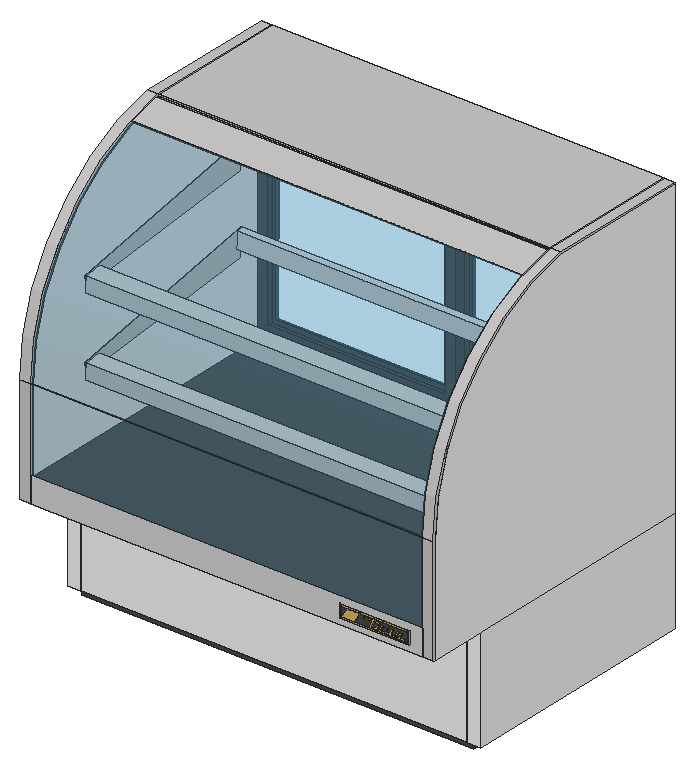
Revit family "QF_TRUE_TCGG-48-LD", category Specialty Equipment, Revit 2014
Parameters (values of type "DefaultType")
  Weight in Pounds = 550
  Watts = Volts * FL Amps  # 1357 W
  Volts = 115 V
  URL Manufacturer = "www.truemfg.com"
  URL Cutsheet = "www.truemfg.com"
  URL = "www.truemfg.com"
  Type Mark [instance] = ""
  Type Comments = ""
  Specification by User [instance] = ""
  Specification by Manufacturer = ""
  Show Seismic Flanged [instance] = no
  Show Logo [instance] = yes
  Show Legs [instance] = no
  Show Default Legs [instance] = yes
  Show Casters [instance] = and(not(if(Show Legs, Show Legs, Show Seismic Flanged)), not(Show Default Legs))  # no
  Serial Number = ""
  Seismic Rating = ""
  Seismic Plate [instance] = and(Show Seismic Flanged, not(Show Casters))  # no
  SMACNA No = ""
  Revision Code [instance] = ""
  Phase = 1
  Omniclass Number and Title = ""
  Number of Poles = 1
  NAFEM Spec ID Number = ""
  Model = "TCGG-48-LD"
  Min Ckt Ampacity = 11.8 A
  Max Overcurrent Protection = 16.8 A
  MasterSpec. = ""
  Manufacturer = "TRUE FOOD SERVICE EQUIPMENT, INC."
  Legs [instance] = or(Show Legs, Show Seismic Flanged)  # no
  KCLRef = "KCL2C9,,0004091d-0000-0000-0000-000000000307,TF,TCGG-48 ,634854572620000000,716ea76f-1d88-4e94-8cc5-f22e7c59b278,a3fedd8f-e5fe-44fd-9469-5db82f1f6102"
  KCL SpecSheet URL = "http://kclweb.kclcad.com/imagehandler.ashx?kdoc=tcgg-48&R=TF&M=TCGG-48%20&VC=7&TID=KCLWeb&T=doc"
  Item Number [instance] = ""
  Installed By [instance] = ""
  Identify Quantity as Lot [instance] = yes
  HP = "1/3"
  Furnished By [instance] = ""
  Foodservice Equipment Identifier [instance] = yes
  FL Amps = 11.8 A
  Electrical Remarks [instance] = ""
  Electric Connection Type [instance] = ""
  Elec Conn RI Height [instance] = 0"
  Elec Conn Connection Height [instance] = 4"
  Description = "DISPLAY CASE: CURVED GLASS REFRIGERATED DELI CASE WITH LED LIGHTING"
  Cycle = 60 Hz
  Conn Plug = "5-15P"
  Conn Conduit = yes
  CSI MasterFormat = ""
  CSI Master Format = ""
  Assembly Code = ""
  Apparent Power = if(Phase = 3, Volts * FL Amps * 1.73, Volts * FL Amps)  # 1357 VA
  Above Finish Floor [instance] = if(Show Casters, 5", if(Legs, 6", 5/16"))  # 5/16"
Reference planes (in)
  plane 1 "BACK": y = 5.5625
  plane 2: z = 0
  plane 3 "LEFT": x = -2
  plane 4 "RIGHT": x = 46.15625
  plane 5 "FRONT": y = -29.59375
  plane 6: z = 47.6875
  plane 7: z = 0.3125
Forms (in)
  Extrusion 1, solid, material "QF_Finishes_Black"
    sketch origin (-1.625, 6.71875, 4.25) x (0, -1, 0) y (0, 0, 1)
      loop
        line (1.71945, -3.1875) -> (1.71945, -3.9375) -> (28.84375, -3.9375) -> (28.84375, -3.1875) -> (1.71945, -3.1875)
    from -46.53125 to -0.875
  Extrusion 2, solid, material "QF_Finishes_Stainless Steel", visible <- "Seismic Plate"
    sketch origin (-0.61584, -24.4251, 0) x (1, 0, 0) y (0, 1, 0)
      loop
        circle (1.22541, 27.00093) r 1.5
      loop
        circle (1.22541, 4.37725) r 1.5
      loop
        circle (44.16253, 4.37725) r 1.5
      loop
        circle (44.16253, 27.00093) r 1.5
    from 0 to 0.25
  Extrusion 3, solid, material "QF_Finishes_Stainless Steel"
    sketch origin (-2, 5.96875, 5) x (0, 1, 0) y (0, 0, -1)
      loop
        line (-26.25847, -29.05597) -> (-27.13614, -26.6446) -> (-28.13614, -27.00857) -> (-28.13614, -28.75857) -> (-26.25847, -29.05597)
      loop
        line (-5.30486, -33.01334) -> (-5.46386, -31.07951) -> (-6.19176, -31.07951) -> (-6.04347, -32.88311) -> (-5.30486, -33.01334)
      loop
        line (-26.25847, -19.9474) -> (-27.13614, -17.53603) -> (-28.13614, -17.9) -> (-28.13614, -19.65) -> (-26.25847, -19.9474)
      loop
        line (-5.30486, -23.90477) -> (-5.46386, -21.97094) -> (-6.19176, -21.97094) -> (-6.04347, -23.77454) -> (-5.30486, -23.90477)
    from -46.46875 to -1.6875
  Extrusion 4, solid, material "QF_Finishes_White"
    sketch origin (48.01201, 5.96875, 5.5) x (0, 1, 0) y (0, 0, -1)
      loop
        line (-28.65625, -7.55067) -> (-0.40625, -7.55067) -> (-0.40625, 4.4375) -> (-28.65625, 4.4375) -> (-28.65625, -7.55067)
    from 1.85576 to 3.35576
  Extrusion 5, solid
    sketch origin (-9.10699, 5.625, -3.45362) x (1, 0, 0) y (0, 0, 1)
      loop
        circle (7.87419, 7.76612) r 0.25
    from 0 to 0.0625
  Extrusion 6, solid, material "QF_Finishes_Stainless Steel"
    sketch origin (-4.09985, 9.88029, 5.5) x (0, 1, 0) y (0, 0, -1)
      loop
        line (-4.31779, -42.1875) -> (-4.31779, -42.00142) -> (-7.36118, -42.00142) -> (-7.36118, -41.81535) -> (-21.82264, -41.81535)
        arc (-21.82264, -41.81535) -> (-23.30072, -41.43478) -> (-24.74927, -40.95389) r 22.27593
        line (-24.74927, -40.95389) -> (-24.81308, -41.13021)
        arc (-24.81308, -41.13021) -> (-23.07388, -41.69504) -> (-21.29451, -42.11654) r 22.46343
        line (-21.29451, -42.11654) -> (-21.24305, -41.97434) -> (-20.91154, -42.06317) -> (-20.91154, -42.1875) -> (-4.31779, -42.1875)
    from -49.0061 to -3.34985
  Extrusion 7, solid, material "QF_Finishes_Black", visible <- "Show Default Legs"
    sketch origin (-2.5163, 3.3701, 6.875) x (1, 0, 0) y (0, 1, 0)
      loop
        circle (3.12586, -23.39991) r 0.5
      loop
        circle (46.06298, -23.39991) r 0.5
      loop
        circle (46.06298, -0.77623) r 0.5
      loop
        circle (3.12586, -0.77623) r 0.5
    from -6.875 to -6.5625
  Revolve 8, solid, material "QF_Finishes_Chrome - Satin", visible <- "Show Casters"
    sketch origin (-1.39043, -20.02981, 2.95778) x (1, 0, 0) y (0, 0, 1)
      loop
        line (2, -2.87954) -> (2, -2.64528) -> (0.70293, -2.64528) -> (0.70293, -2.87954) -> (2, -2.87954)
      axis (2, -2.87954) -> (2, -2.64528)
    angle from 0 to 360
  Extrusion 9, solid, material "QF_Finishes_Stainless Steel", visible <- "Show Casters"
    sketch origin (-0.21543, 9.28074, 0.28001) x (0, -1, 0) y (0, 0, 1)
      loop
        line (8.26404, -0.20176) -> (5.10968, -0.20176) -> (5.10968, -0.49114) -> (8.02144, -0.90036) -> (8.26404, -0.90036) -> (8.26404, -0.20176)
      loop
        line (30.82636, -0.20176) -> (27.672, -0.20176) -> (27.672, -0.49114) -> (30.58376, -0.90036) -> (30.82636, -0.90036) -> (30.82636, -0.20176)
    from -1.5 to -0.15
  Revolve 10, solid, material "QF_Finishes_Black", visible <- "Show Casters"
    sketch origin (-1.39288, -19.06159, 5.5) x (1, 0, 0) y (0, 0, 1)
      loop
        line (1.05969, -8.1875) -> (2.94031, -8.1875) -> (2.94031, -8.01629) -> (2.62908, -8.01629) -> (2.62908, -6.29158) -> (2.525, -6.1875) -> (1.475, -6.1875) -> (1.375, -6.2875) -> (1.375, -8.01629) -> (1.05969, -8.01629) -> (1.05969, -8.1875)
      axis (2.94031, -8.1875) -> (1.05969, -8.1875)
    angle from 0 to 360
  Revolve 11, solid, material "QF_Finishes_Chrome - Satin", visible <- "Show Casters"
    sketch origin (-1.39043, 2.59388, 2.95778) x (1, 0, 0) y (0, 0, 1)
      loop
        line (2, -2.87954) -> (2, -2.64528) -> (0.70293, -2.64528) -> (0.70293, -2.87954) -> (2, -2.87954)
      axis (2, -2.87954) -> (2, -2.64528)
    angle from 0 to 360
  Revolve 12, solid, material "QF_Finishes_Black", visible <- "Show Casters"
    sketch origin (-1.39288, 3.5328, 5.5) x (1, 0, 0) y (0, 0, 1)
      loop
        line (1.05969, -8.1875) -> (2.94031, -8.1875) -> (2.94031, -8.01629) -> (2.62908, -8.01629) -> (2.62908, -6.29158) -> (2.525, -6.1875) -> (1.475, -6.1875) -> (1.375, -6.2875) -> (1.375, -8.01629) -> (1.05969, -8.01629) -> (1.05969, -8.1875)
      axis (2.94031, -8.1875) -> (1.05969, -8.1875)
    angle from 0 to 360
  Extrusion 13, solid, material "QF_Finishes_White"
    sketch origin (1.35576, 5.96875, 5.5) x (0, 1, 0) y (0, 0, -1)
      loop
        line (-28.65625, -7.55067) -> (-0.40625, -7.55067) -> (-0.40625, 4.4375) -> (-28.65625, 4.4375) -> (-28.65625, -7.55067)
    from 1.85576 to 3.35576
  Extrusion 14, solid, material "QF_Finishes_White"
    sketch origin (33.60576, 5.96875, 5.5) x (0, 1, 0) y (0, 0, -1)
      loop
        line (-28.65625, -7.625) -> (-1.88102, -7.625) -> (-1.88102, 4.4375) -> (-28.65625, 4.4375) -> (-28.65625, -7.625)
    from -10.88368 to 33.98076
  Extrusion 15, solid, material "QF_Finishes_White"
    sketch origin (-2, 5.96875, 5.5) x (0, 1, 0) y (0, 0, -1)
      loop
        line (-0.40625, -7.625) -> (-35.375, -7.625) -> (-35.375, -19.92244)
        arc (-35.375, -19.92244) -> (-30.18026, -34.28436) -> (-17, -42) r 22.45059
        line (-17, -42) -> (-0.40625, -42) -> (-0.40625, -7.625)
    from -1.5 to 0
  Extrusion 16, solid, material "QF_Finishes_Stainless Steel"
    sketch origin (-2, 5.96875, 5.5) x (0, 1, 0) y (0, 0, -1)
      loop
        line (-0.40625, -42) -> (-16.98356, -42)
        arc (-16.98356, -42) -> (-30.16875, -34.37772) -> (-35.375, -20.06538) r 22.27593
        line (-35.375, -20.06538) -> (-35.375, -7.625) -> (-35.5625, -7.625) -> (-35.5625, -20.06538)
        arc (-35.5625, -20.06538) -> (-30.30712, -34.50451) -> (-17, -42.1875) r 22.46343
        line (-17, -42.1875) -> (-0.40625, -42.1875) -> (-0.40625, -42)
    from -1.25 to 0
  Extrusion 17, solid, material "QF_Finishes_Stainless Steel"
    sketch origin (44.90625, 5.96875, 5.5) x (0, 1, 0) y (0, 0, -1)
      loop
        line (-0.40625, -42) -> (-16.98356, -42)
        arc (-16.98356, -42) -> (-30.16875, -34.37772) -> (-35.375, -20.06537) r 22.27593
        line (-35.375, -20.06537) -> (-35.375, -7.625) -> (-35.5625, -7.625) -> (-35.5625, -20.06537)
        arc (-35.5625, -20.06537) -> (-30.30712, -34.50451) -> (-17, -42.1875) r 22.46343
        line (-17, -42.1875) -> (-0.40625, -42.1875) -> (-0.40625, -42)
    from -1.25 to 0
  Extrusion 18, solid, material "QF_Finishes_Satin - Goldenrod", visible <- "Show Logo"
    sketch origin (17.63386, 5.1753, -11.90735) x (1, 0, 0) y (0, 0, 1)
      loop
        line (20.46476, 26.90456) -> (20.38603, 26.73573) -> (21.43333, 26.73573)
        arc (21.43333, 26.73573) -> (21.45458, 26.69814) -> (21.43333, 26.66055) r 0.04386
        line (21.43333, 26.66055) -> (21.16017, 26.07478)
        arc (21.16017, 26.07478) -> (21.15781, 26.02052) -> (21.1945, 25.98048) r 0.07096
        line (21.1945, 25.98048) -> (21.86415, 25.98048)
        arc (21.86415, 25.98048) -> (21.94871, 26.00714) -> (22.00269, 26.07748) r 0.14742
        line (22.00269, 26.07748) -> (22.21765, 26.53847) -> (22.41515, 26.53847)
        arc (22.41515, 26.53847) -> (22.46697, 26.51942) -> (22.45947, 26.46472) r 0.04405
        line (22.45947, 26.46472) -> (22.2796, 26.07899)
        arc (22.2796, 26.07899) -> (22.2824, 26.01493) -> (22.33648, 25.98048) r 0.06943
        line (22.33648, 25.98048) -> (22.9249, 25.98048)
        arc (22.9249, 25.98048) -> (22.96998, 25.99689) -> (22.99397, 26.03844) r 0.07014
        arc (22.99397, 26.03844) -> (23.01095, 25.99745) -> (23.05193, 25.98048) r 0.05796
        line (23.05193, 25.98048) -> (23.4245, 25.98048)
        arc (23.4245, 25.98048) -> (23.46754, 25.99201) -> (23.49905, 26.02352) r 0.08608
        arc (23.49905, 26.02352) -> (23.51414, 25.9871) -> (23.55056, 25.97202) r 0.0515
        line (23.55056, 25.97202) -> (24.08007, 25.97202)
        arc (24.08007, 25.97202) -> (24.12336, 25.98995) -> (24.1413, 26.03324) r 0.06122
        arc (24.1413, 26.03324) -> (24.18098, 25.99355) -> (24.23519, 25.97903) r 0.10842
        line (24.23519, 25.97903) -> (25.22711, 25.97903) -> (25.33729, 26.16987) -> (24.3368, 26.16987)
        arc (24.3368, 26.16987) -> (24.30919, 26.18902) -> (24.30816, 26.22261) r 0.03732
        line (24.30816, 26.22261) -> (24.32547, 26.25972)
        arc (24.32547, 26.25972) -> (24.35204, 26.29453) -> (24.3938, 26.30774) r 0.07263
        line (24.3938, 26.30774) -> (24.71539, 26.30774)
        arc (24.71539, 26.30774) -> (24.7848, 26.32633) -> (24.83561, 26.37715) r 0.13882
        line (24.83561, 26.37715) -> (24.92875, 26.53847)
        arc (24.92875, 26.53847) -> (24.92875, 26.62458) -> (24.85418, 26.66763) r 0.08611
        line (24.85418, 26.66763) -> (24.51477, 26.66763)
        arc (24.51477, 26.66763) -> (24.42824, 26.65294) -> (24.36788, 26.58923) r 0.13863
        line (24.36788, 26.58923) -> (24.20659, 26.24333)
        arc (24.20659, 26.24333) -> (24.15899, 26.1813) -> (24.08441, 26.15778) r 0.13002
        line (24.08441, 26.15778) -> (23.73234, 26.15778)
        arc (23.73234, 26.15778) -> (23.6902, 26.20378) -> (23.69292, 26.2661) r 0.08151
        line (23.69292, 26.2661) -> (23.88016, 26.66763) -> (23.76099, 26.66763) -> (23.56262, 26.24222)
        arc (23.56262, 26.24222) -> (23.52408, 26.19199) -> (23.46369, 26.17296) r 0.10527
        line (23.46369, 26.17296) -> (23.22092, 26.17296)
        arc (23.22092, 26.17296) -> (23.1799, 26.22642) -> (23.18869, 26.29323) r 0.08805
        line (23.18869, 26.29323) -> (23.36328, 26.66763) -> (23.24022, 26.66763) -> (23.03926, 26.23668)
        arc (23.03926, 26.23668) -> (22.99261, 26.19003) -> (22.92889, 26.17296) r 0.12745
        line (22.92889, 26.17296) -> (22.57734, 26.17296)
        arc (22.57734, 26.17296) -> (22.5142, 26.2024) -> (22.50813, 26.2718) r 0.06967
        line (22.50813, 26.2718) -> (22.62368, 26.51961) -> (22.78702, 26.51961)
        arc (22.78702, 26.51961) -> (22.81459, 26.60268) -> (22.87325, 26.66763) r 0.21289
        line (22.87325, 26.66763) -> (22.23494, 26.66763)
        arc (22.23494, 26.66763) -> (22.16401, 26.65191) -> (22.11492, 26.59834) r 0.12081
        line (22.11492, 26.59834) -> (21.9419, 26.2273)
        arc (21.9419, 26.2273) -> (21.90212, 26.18752) -> (21.84778, 26.17296) r 0.10869
        line (21.84778, 26.17296) -> (21.4667, 26.17296)
        arc (21.4667, 26.17296) -> (21.43696, 26.21315) -> (21.44262, 26.26283) r 0.06822
        line (21.44262, 26.26283) -> (21.69406, 26.73573) -> (22.32846, 26.73573) -> (22.40719, 26.90456) -> (21.77279, 26.90456) -> (21.85152, 27.0734) -> (21.62584, 27.0734) -> (21.54711, 26.90456) -> (20.46476, 26.90456)
      loop
        arc (24.47187, 26.51434) -> (24.44441, 26.50698) -> (24.4243, 26.48688) r 0.05494
        line (24.4243, 26.48688) -> (24.40797, 26.43665)
        arc (24.40797, 26.43665) -> (24.41554, 26.41837) -> (24.43383, 26.41079) r 0.02586
        line (24.43383, 26.41079) -> (24.71139, 26.41079)
        arc (24.71139, 26.41079) -> (24.73138, 26.41523) -> (24.74763, 26.4277) r 0.04731
        line (24.74763, 26.4277) -> (24.76113, 26.4902)
        arc (24.76113, 26.4902) -> (24.75716, 26.50693) -> (24.74164, 26.51434) r 0.01994
        line (24.74164, 26.51434) -> (24.47187, 26.51434)
      loop
        line (17.94211, 25.99125) -> (19.43282, 25.99125) -> (20.05141, 27.06268) -> (18.5607, 27.06268) -> (17.94211, 25.99125)
    from 34.76797 to 34.83173
  Extrusion 19, solid, material "QF_Finishes_Black", visible <- "Show Logo"
    sketch origin (-46.86824, 5.15733, -14.75194) x (1, 0, 0) y (0, 0, 1)
      loop
        line (90.12357, 29.96978) -> (82.29857, 29.96978) -> (82.29857, 28.7421) -> (90.12357, 28.7421) -> (90.12357, 29.96978)
    from 34.75 to 34.78125
  Extrusion 20, solid, material "QF_Finishes_Satin - Goldenrod", visible <- "Show Logo"
    sketch origin (-46.86824, 5.15733, -14.75194) x (1, 0, 0) y (0, 0, 1)
      loop
        line (90.26107, 30.10727) -> (82.16107, 30.10727) -> (82.16107, 28.6046) -> (90.26107, 28.6046) -> (90.26107, 30.10727)
      loop
        line (82.29857, 29.96978) -> (82.29857, 28.7421) -> (90.12357, 28.7421) -> (90.12357, 29.96978) -> (82.29857, 29.96978)
    from 34.75108 to 34.81376
  Extrusion 21, solid, material "QF_Finishes_Stainless Steel"
    sketch origin (-1.75, 5.96875, 5.5) x (0, 1, 0) y (0, 0, -1)
      loop
        line (-5.32623, -32.51226) -> (-5.58577, -29.3555) -> (-27.8983, -26.99317) -> (-28.13433, -28.25886) -> (-5.32623, -32.51226)
      loop
        line (-5.32623, -23.40369) -> (-5.58577, -20.24693) -> (-27.8983, -17.91613) -> (-28.13433, -19.19538) -> (-5.32623, -23.40369)
    from -1.4375 to -1.25
  Extrusion 22, solid, material "QF_Finishes_Stainless Steel"
    sketch origin (43.21875, 5.96875, 5.5) x (0, 1, 0) y (0, 0, -1)
      loop
        line (-5.32962, -32.47097) -> (-5.58577, -29.3555) -> (-27.8983, -26.99183) -> (-28.12724, -28.21945) -> (-5.32962, -32.47097)
      loop
        line (-5.32623, -23.40369) -> (-5.58577, -20.24693) -> (-27.8983, -17.9152) -> (-28.13433, -19.19404) -> (-5.32623, -23.40369)
    from -1.4375 to -1.25
  Extrusion 23, solid, material "QF_Finishes_White"
    sketch origin (44.65625, 5.96875, 5.5) x (0, 1, 0) y (0, 0, -1)
      loop
        line (-0.40625, -7.625) -> (-35.375, -7.625) -> (-35.375, -19.92244)
        arc (-35.375, -19.92244) -> (-30.18026, -34.28436) -> (-17, -42) r 22.45059
        line (-17, -42) -> (-0.40625, -42) -> (-0.40625, -7.625)
    from -1.5 to 0
  Extrusion 24, solid, material "QF_Finishes_White"
    sketch origin (0, 0, 0) x (1, 0, 0) y (0, 1, 0)
      loop
        line (-0.5, 5.5625) -> (-0.5, -29.40625) -> (-0.75, -29.40625) -> (-0.75, -29.59375) -> (44.90625, -29.59375) -> (44.90625, -29.40625) -> (44.65625, -29.40625) -> (44.65625, 5.5625) -> (-0.5, 5.5625)
    from 13.125 to 16.125
  Extrusion 25, solid, material "Glass"
    sketch origin (-2, 5.96875, 5.5) x (0, 1, 0) y (0, 0, -1)
      loop
        line (-20.90154, -41.13021) -> (-20.83773, -40.95389)
        arc (-20.83773, -40.95389) -> (-31.38298, -32.78998) -> (-35.375, -20.06537) r 22.27593
        line (-35.375, -20.06537) -> (-35.375, -10.3125) -> (-35.5625, -10.3125) -> (-35.5625, -20.06537)
        arc (-35.5625, -20.06537) -> (-31.53648, -32.89767) -> (-20.90154, -41.13021) r 22.46343
    from -46.90625 to -1.25
  Extrusion 26, solid, material "QF_Finishes_White"
    sketch origin (-2, 5.96875, 5.5) x (0, 1, 0) y (0, 0, -1)
      loop
        line (-0.40625, -5.74363) -> (-0.40625, -5.45495) -> (-1.88103, -6.30641) -> (-1.88103, -6.59509) -> (-0.40625, -5.74363)
      loop
        line (-0.40625, -4.24363) -> (-0.40625, -3.95495) -> (-1.88103, -4.80641) -> (-1.88103, -5.09509) -> (-0.40625, -4.24363)
      loop
        line (-0.40625, -2.74363) -> (-0.40625, -2.45495) -> (-1.88103, -3.30641) -> (-1.88103, -3.59509) -> (-0.40625, -2.74363)
      loop
        line (-0.40625, -1.24363) -> (-0.40625, -0.95495) -> (-1.88103, -1.80641) -> (-1.88103, -2.09509) -> (-0.40625, -1.24363)
      loop
        line (-0.40625, 0.25637) -> (-0.40625, 0.54505) -> (-1.88103, -0.30641) -> (-1.88103, -0.59509) -> (-0.40625, 0.25637)
      loop
        line (-0.40625, 1.75637) -> (-0.40625, 2.04505) -> (-1.88103, 1.19359) -> (-1.88103, 0.90491) -> (-0.40625, 1.75637)
      loop
        line (-0.40625, 3.25637) -> (-0.40625, 3.54505) -> (-1.88103, 2.69359) -> (-1.88103, 2.40491) -> (-0.40625, 3.25637)
      loop
        line (-0.40625, -10.9375) -> (-0.40625, -9.625) -> (-1.65625, -9.625) -> (-1.65625, -10.9375) -> (-0.40625, -10.9375)
    from -46.65625 to -1.5
  Extrusion 27, solid, material "QF_Finishes_Black"
    sketch origin (0, 5.5625, 0) x (1, 0, 0) y (0, 0, 1)
      loop
        line (44.65625, 46.4375) -> (21.45312, 46.4375) -> (21.45312, 16.4375) -> (44.65625, 16.4375) -> (44.65625, 46.4375)
      loop
        line (43.40625, 44.9375) -> (22.70312, 44.9375) -> (22.70312, 17.9375) -> (43.40625, 17.9375) -> (43.40625, 44.9375)
    from 0 to 1.25
  Extrusion 28, solid, material "QF_Finishes_Black"
    sketch origin (-15.95312, 4.3125, 0) x (1, 0, 0) y (0, 0, 1)
      loop
        line (38.65625, 46.4375) -> (15.45312, 46.4375) -> (15.45312, 16.4375) -> (38.65625, 16.4375) -> (38.65625, 46.4375)
      loop
        line (37.40625, 44.9375) -> (16.70312, 44.9375) -> (16.70312, 17.9375) -> (37.40625, 17.9375) -> (37.40625, 44.9375)
    from 0 to 1.25
  Extrusion 29, solid, material "QF_Finishes_Black"
    sketch origin (44.3828, 6.31337, 5.5) x (0, 1, 0) y (0, 0, -1)
      loop
        line (-0.75087, -31.02016) -> (0.06163, -29.40591) -> (0.06163, -20.53799) -> (-0.75087, -18.92375) -> (-0.75087, -31.02016)
    from 0 to 0.5625
  Extrusion 30, solid, material "QF_Finishes_Black"
    sketch origin (44.3828, 6.31337, 5.5) x (0, 1, 0) y (0, 0, -1)
      loop
        line (-0.75087, -31.02016) -> (-0.41368, -30.35024) -> (-0.41368, -19.59367) -> (-0.75087, -18.92375) -> (-0.75087, -31.02016)
    from 0.5625 to 0.75
  Extrusion 31, solid, material "QF_Finishes_Black"
    sketch origin (-0.22655, 5.06337, 5.5) x (0, 1, 0) y (0, 0, 1)
      loop
        line (-0.75087, 31.02016) -> (-0.75087, 18.92375) -> (0.06163, 20.53799) -> (0.06163, 29.40591) -> (-0.75087, 31.02016)
    from 0 to 0.5625
  Extrusion 32, solid, material "QF_Finishes_Black"
    sketch origin (-0.22655, 5.06337, 5.5) x (0, 1, 0) y (0, 0, 1)
      loop
        line (-0.75087, 31.02016) -> (-0.75087, 18.92375) -> (-0.41368, 19.59367) -> (-0.41368, 30.35024) -> (-0.75087, 31.02016)
    from 0.5625 to 0.75
  Extrusion 33, solid, material "QF_Finishes_Black"
    sketch origin (0, 5.5625, 0) x (1, 0, 0) y (0, 0, 1)
      loop
        line (43.40625, 44.9375) -> (22.70312, 44.9375) -> (22.70312, 17.9375) -> (43.40625, 17.9375) -> (43.40625, 44.9375)
      loop
        line (42.90625, 44.4375) -> (23.20312, 44.4375) -> (23.20312, 18.4375) -> (42.90625, 18.4375) -> (42.90625, 44.4375)
    from 0.41281 to 0.71359
  Extrusion 34, solid, material "Glass"
    sketch origin (-15.95312, 4.46289, 0) x (1, 0, 0) y (0, 0, 1)
      loop
        line (36.90625, 44.4375) -> (17.20312, 44.4375) -> (17.20312, 18.4375) -> (36.90625, 18.4375) -> (36.90625, 44.4375)
    from 0.5632 to 0.86398
  Extrusion 35, solid, material "QF_Finishes_Black"
    sketch origin (-15.95312, 4.3125, 0) x (1, 0, 0) y (0, 0, 1)
      loop
        line (37.40625, 44.9375) -> (16.70312, 44.9375) -> (16.70312, 17.9375) -> (37.40625, 17.9375) -> (37.40625, 44.9375)
      loop
        line (36.90625, 44.4375) -> (17.20312, 44.4375) -> (17.20312, 18.4375) -> (36.90625, 18.4375) -> (36.90625, 44.4375)
    from 0.41281 to 0.71359
  Extrusion 36, solid, material "Glass"
    sketch origin (0, 5.71289, 0) x (1, 0, 0) y (0, 0, 1)
      loop
        line (42.90625, 44.4375) -> (23.20312, 44.4375) -> (23.20312, 18.4375) -> (42.90625, 18.4375) -> (42.90625, 44.4375)
    from 0.5632 to 0.86398
  Revolve 37, solid, material "QF_Finishes_Chrome - Satin", visible <- "Show Casters"
    sketch origin (33.54668, -20.02981, 2.95778) x (-1, 0, 0) y (0, 0, -1)
      loop
        line (-10, 2.87954) -> (-11.29707, 2.87954) -> (-11.29707, 2.64528) -> (-10, 2.64528) -> (-10, 2.87954)
      axis (-10, 2.87954) -> (-10, 2.64528)
    angle from 0 to 360
  Extrusion 38, solid, material "QF_Finishes_Stainless Steel", visible <- "Show Casters"
    sketch origin (44.37168, 9.28074, 0.28001) x (0, -1, 0) y (0, 0, -1)
      loop
        line (8.26404, 0.20176) -> (8.26404, 0.90036) -> (8.02144, 0.90036) -> (5.10968, 0.49114) -> (5.10968, 0.20176) -> (8.26404, 0.20176)
      loop
        line (30.82636, 0.20176) -> (30.82636, 0.90036) -> (30.58376, 0.90036) -> (27.672, 0.49114) -> (27.672, 0.20176) -> (30.82636, 0.20176)
    from -1.5 to -0.15
  Revolve 39, solid, material "QF_Finishes_Black", visible <- "Show Casters"
    sketch origin (33.54913, -19.06159, 5.5) x (-1, 0, 0) y (0, 0, -1)
      loop
        line (-10.94031, 8.1875) -> (-10.94031, 8.01629) -> (-10.625, 8.01629) -> (-10.625, 6.2875) -> (-10.525, 6.1875) -> (-9.475, 6.1875) -> (-9.37092, 6.29158) -> (-9.37092, 8.01629) -> (-9.05969, 8.01629) -> (-9.05969, 8.1875) -> (-10.94031, 8.1875)
      axis (-9.05969, 8.1875) -> (-10.94031, 8.1875)
    angle from 0 to 360
  Revolve 40, solid, material "QF_Finishes_Chrome - Satin", visible <- "Show Casters"
    sketch origin (33.54668, 2.59388, 2.95778) x (-1, 0, 0) y (0, 0, -1)
      loop
        line (-10, 2.87954) -> (-11.29707, 2.87954) -> (-11.29707, 2.64528) -> (-10, 2.64528) -> (-10, 2.87954)
      axis (-10, 2.87954) -> (-10, 2.64528)
    angle from 0 to 360
  Revolve 41, solid, material "QF_Finishes_Black", visible <- "Show Casters"
    sketch origin (33.54913, 3.5328, 5.5) x (-1, 0, 0) y (0, 0, -1)
      loop
        line (-10.94031, 8.1875) -> (-10.94031, 8.01629) -> (-10.625, 8.01629) -> (-10.625, 6.2875) -> (-10.525, 6.1875) -> (-9.475, 6.1875) -> (-9.37092, 6.29158) -> (-9.37092, 8.01629) -> (-9.05969, 8.01629) -> (-9.05969, 8.1875) -> (-10.94031, 8.1875)
      axis (-9.05969, 8.1875) -> (-10.94031, 8.1875)
    angle from 0 to 360
  Extrusion 42, solid, material "QF_Finishes_Handrails and Railings", visible <- "Show Casters"
    sketch origin (-1.39043, 31.15638, -6.17324) x (0, 1, 0) y (0, 0, 1)
      loop
        line (-29.89708, 5.55289) -> (-28.22621, 2.34524)
        arc (-28.22621, 2.34524) -> (-27.49158, 1.99566) -> (-26.98532, 2.63251) r 0.6537
        line (-26.98532, 2.63251) -> (-26.98532, 6.25149) -> (-30.13968, 6.25149) -> (-30.13968, 5.55289) -> (-29.89708, 5.55289)
    from 1.175 to 1.325
  Revolve 43, solid, material "QF_Finishes_Stainless Steel", visible <- "Legs"
    sketch origin (-1.625, -20.04785, 7.0625) x (0, 0, 1) y (-1, 0, 0)
      loop
        line (-1.0625, -2.23457) -> (-1.0625, -1.49911) -> (-6.5625, -1.58638) -> (-6.5625, -1.73457) -> (-7.0625, -1.73457) -> (-7.0625, -2.23457) -> (-1.0625, -2.23457)
      axis (-1.0625, -2.23457) -> (-7.0625, -2.23457)
    angle from 0 to 360
  Extrusion 44, solid, material "QF_Finishes_Handrails and Railings", visible <- "Show Casters"
    sketch origin (-1.39043, 7.78156, -6.17324) x (0, 1, 0) y (0, 0, 1)
      loop
        line (-29.08458, 5.55289) -> (-27.41371, 2.34524)
        arc (-27.41371, 2.34524) -> (-26.67908, 1.99566) -> (-26.17282, 2.63251) r 0.6537
        line (-26.17282, 2.63251) -> (-26.17282, 6.25149) -> (-29.32718, 6.25149) -> (-29.32718, 5.55289) -> (-29.08458, 5.55289)
    from 1.175 to 1.325
  Extrusion 45, solid, material "QF_Finishes_Handrails and Railings", visible <- "Show Casters"
    sketch origin (2.60957, 31.15638, -6.17324) x (0, 1, 0) y (0, 0, -1)
      loop
        line (-29.89708, -5.55289) -> (-30.13968, -5.55289) -> (-30.13968, -6.25149) -> (-26.98532, -6.25149) -> (-26.98532, -2.63251)
        arc (-26.98532, -2.63251) -> (-27.49158, -1.99566) -> (-28.22621, -2.34524) r 0.6537
        line (-28.22621, -2.34524) -> (-29.89708, -5.55289)
    from 1.175 to 1.325
  Extrusion 46, solid, material "QF_Finishes_Handrails and Railings", visible <- "Show Casters"
    sketch origin (2.60957, 7.78156, -6.17324) x (0, 1, 0) y (0, 0, -1)
      loop
        line (-29.08458, -5.55289) -> (-29.32718, -5.55289) -> (-29.32718, -6.25149) -> (-26.17282, -6.25149) -> (-26.17282, -2.63251)
        arc (-26.17282, -2.63251) -> (-26.67908, -1.99566) -> (-27.41371, -2.34524) r 0.6537
        line (-27.41371, -2.34524) -> (-29.08458, -5.55289)
    from 1.175 to 1.325
  Extrusion 47, solid, material "QF_Finishes_Handrails and Railings", visible <- "Show Casters"
    sketch origin (41.54668, 31.15638, -6.17324) x (0, 1, 0) y (0, 0, 1)
      loop
        line (-29.89708, 5.55289) -> (-28.22621, 2.34524)
        arc (-28.22621, 2.34524) -> (-27.49158, 1.99566) -> (-26.98532, 2.63251) r 0.6537
        line (-26.98532, 2.63251) -> (-26.98532, 6.25149) -> (-30.13968, 6.25149) -> (-30.13968, 5.55289) -> (-29.89708, 5.55289)
    from 1.175 to 1.325
  Extrusion 48, solid, material "QF_Finishes_Handrails and Railings", visible <- "Show Casters"
    sketch origin (41.54668, 7.78156, -6.17324) x (0, 1, 0) y (0, 0, 1)
      loop
        line (-29.08458, 5.55289) -> (-27.41371, 2.34524)
        arc (-27.41371, 2.34524) -> (-26.67908, 1.99566) -> (-26.17282, 2.63251) r 0.6537
        line (-26.17282, 2.63251) -> (-26.17282, 6.25149) -> (-29.32718, 6.25149) -> (-29.32718, 5.55289) -> (-29.08458, 5.55289)
    from 1.175 to 1.325
  Extrusion 49, solid, material "QF_Finishes_Handrails and Railings", visible <- "Show Casters"
    sketch origin (45.54668, 31.15638, -6.17324) x (0, 1, 0) y (0, 0, -1)
      loop
        line (-29.89708, -5.55289) -> (-30.13968, -5.55289) -> (-30.13968, -6.25149) -> (-26.98532, -6.25149) -> (-26.98532, -2.63251)
        arc (-26.98532, -2.63251) -> (-27.49158, -1.99566) -> (-28.22621, -2.34524) r 0.6537
        line (-28.22621, -2.34524) -> (-29.89708, -5.55289)
    from 1.175 to 1.325
  Extrusion 50, solid, material "QF_Finishes_Handrails and Railings", visible <- "Show Casters"
    sketch origin (45.54668, 7.78156, -6.17324) x (0, 1, 0) y (0, 0, -1)
      loop
        line (-29.08458, -5.55289) -> (-29.32718, -5.55289) -> (-29.32718, -6.25149) -> (-26.17282, -6.25149) -> (-26.17282, -2.63251)
        arc (-26.17282, -2.63251) -> (-26.67908, -1.99566) -> (-27.41371, -2.34524) r 0.6537
        line (-27.41371, -2.34524) -> (-29.08458, -5.55289)
    from 1.175 to 1.325
  Revolve 51, solid, material "QF_Finishes_Stainless Steel", visible <- "Legs"
    sketch origin (-1.625, 2.57583, 5.0625) x (0, 0, 1) y (-1, 0, 0)
      loop
        line (0.9375, -2.23457) -> (0.9375, -1.49911) -> (-4.5625, -1.58638) -> (-4.5625, -1.73457) -> (-5.0625, -1.73457) -> (-5.0625, -2.23457) -> (0.9375, -2.23457)
      axis (0.9375, -2.23457) -> (-5.0625, -2.23457)
    angle from 0 to 360
  Revolve 52, solid, material "QF_Finishes_Stainless Steel", visible <- "Legs"
    sketch origin (29.31212, -20.04785, 5.0625) x (0, 0, 1) y (-1, 0, 0)
      loop
        line (0.9375, -14.23457) -> (0.9375, -13.49911) -> (-4.5625, -13.58638) -> (-4.5625, -13.73457) -> (-5.0625, -13.73457) -> (-5.0625, -14.23457) -> (0.9375, -14.23457)
      axis (0.9375, -14.23457) -> (-5.0625, -14.23457)
    angle from 0 to 360
  Revolve 53, solid, material "QF_Finishes_Stainless Steel", visible <- "Legs"
    sketch origin (29.31212, 2.57583, 5.0625) x (0, 0, 1) y (-1, 0, 0)
      loop
        line (0.9375, -14.23457) -> (0.9375, -13.49911) -> (-4.5625, -13.58638) -> (-4.5625, -13.73457) -> (-5.0625, -13.73457) -> (-5.0625, -14.23457) -> (0.9375, -14.23457)
      axis (0.9375, -14.23457) -> (-5.0625, -14.23457)
    angle from 0 to 360
  Extrusion 54, solid, material "QF_Finishes_Stainless Steel"
    sketch origin (-2, 5.96875, 10.1875) x (0, 1, 0) y (0, 0, -1)
      loop
        line (-13.13714, -31.90213) -> (-13.13714, -37) -> (-3.44964, -37) -> (-3.44964, -37.3125) -> (-0.40625, -37.3125) -> (-0.40625, -36.25) -> (-3.44964, -36.25) -> (-3.44964, -31.90213) -> (-13.13714, -31.90213)
    from -46.65625 to -1.5
Cuts and joins
  joined: Extrusion 29, Extrusion 30
  joined: Extrusion 31, Extrusion 32
Lines and regions (in)
  symbolic lines
    curve 1: line (-2, 5.5625, 0) -> (46.15625, 5.5625, 0)
    curve 2: line (-2, -29.59375, 0) -> (-2, 5.5625, 0)
    curve 3: line (46.15625, -29.59375, 0) -> (-2, -29.59375, 0)
    curve 4: line (46.15625, 5.5625, 0) -> (46.15625, -29.59375, 0)
    curve 5: line (-2, -10.21875, 0) -> (46.15625, -10.21875, 0)
    curve 6: line (-0.75, -10.21875, 0) -> (-0.75, -29.59375, 0)
    curve 7: line (44.90625, -10.21875, 0) -> (44.90625, -29.59375, 0)
    curve 8: line (-0.75, -14.12546, 0) -> (44.90625, -14.12546, 0)
    curve 9: line (-0.75, -10.60177, 0) -> (44.90625, -10.60177, 0)
  symbolic lines, style "SpecialityEquipmentHiddenLines", visible <- "Show Casters"
    curve 10: line (-0.80136, 1.66192, 0) -> (0.10796, 1.13692, 0)
    curve 11: line (1.19864, 5.12602, 0) -> (-0.80136, 1.66192, 0)
    curve 12: line (2.10796, 4.60102, 0) -> (1.19864, 5.12602, 0)
    curve 13: line (0.10796, 1.13692, 0) -> (2.10796, 4.60102, 0)
    curve 14: line (-0.80136, -20.97981, 0) -> (0.10796, -21.50481, 0)
    curve 15: line (1.19864, -17.51571, 0) -> (-0.80136, -20.97981, 0)
    curve 16: line (2.10796, -18.04071, 0) -> (1.19864, -17.51571, 0)
    curve 17: line (0.10796, -21.50481, 0) -> (2.10796, -18.04071, 0)
    curve 18: line (42.13576, -20.97981, 0) -> (43.04508, -21.50481, 0)
    curve 19: line (44.13576, -17.51571, 0) -> (42.13576, -20.97981, 0)
    curve 20: line (45.04508, -18.04071, 0) -> (44.13576, -17.51571, 0)
    curve 21: line (43.04508, -21.50481, 0) -> (45.04508, -18.04071, 0)
    curve 22: line (42.13576, 1.64388, 0) -> (43.04508, 1.11888, 0)
    curve 23: line (44.13576, 5.10798, 0) -> (42.13576, 1.64388, 0)
    curve 24: line (45.04508, 4.58298, 0) -> (44.13576, 5.10798, 0)
    curve 25: line (43.04508, 1.11888, 0) -> (45.04508, 4.58298, 0)
Dimensions and locks (in)
  plane 5 "FRONT" to plane 1 "BACK" = 35 5/32"  (x2)
  plane 3 "LEFT" to plane 4 "RIGHT" = 48 5/32"
  plane 4 "RIGHT" to plane 3 "LEFT" = 48 5/32"  (x2)
  plane 1 "BACK" to plane 5 "FRONT" = 35 5/32"
  "Above Finish Floor": plane 7 to level
  locked: Extrusion 5 sketch curve to Extrusion 5 sketch curve at 0.5
  plane 6 to plane 7 = 47 3/8"  (x2)
  locked: Extrusion 1 to Extrusion 1 at 0.75
  locked: plane 7 to Extrusion 7 at 0.3125
  Revolve 43 sketch curve to Revolve 43 sketch curve to Revolve 43 sketch curve = 5 1/2" locked, 1/2" locked
  level to plane 7 = 5/16"
  Extrusion 42 sketch curve to Extrusion 42 sketch curve to Extrusion 42 sketch curve to Extrusion 42 sketch curve to Extrusion 42 sketch curve = 0.36642" locked, 0.28727" locked, 2.92038" locked, 0.6986" locked
  Extrusion 44 sketch curve to Extrusion 44 sketch curve to Extrusion 44 sketch curve to Extrusion 44 sketch curve to Extrusion 44 sketch curve = 0.36642" locked, 0.28727" locked, 2.92038" locked, 0.6986" locked
  Extrusion 45 sketch curve to Extrusion 45 sketch curve to Extrusion 45 sketch curve to Extrusion 45 sketch curve to Extrusion 45 sketch curve = 0.6986" locked, 2.26668", 0.6537", 0.28727" locked
  Extrusion 46 sketch curve to Extrusion 46 sketch curve to Extrusion 46 sketch curve to Extrusion 46 sketch curve to Extrusion 46 sketch curve = 0.6986" locked, 2.26668", 0.6537", 0.28727" locked
  Extrusion 47 sketch curve to Extrusion 47 sketch curve to Extrusion 47 sketch curve to Extrusion 47 sketch curve to Extrusion 47 sketch curve = 0.36642" locked, 0.28727" locked, 2.92038" locked, 0.6986" locked
  Extrusion 48 sketch curve to Extrusion 48 sketch curve to Extrusion 48 sketch curve to Extrusion 48 sketch curve to Extrusion 48 sketch curve = 0.36642" locked, 0.28727" locked, 2.92038" locked, 0.6986" locked
  Extrusion 49 sketch curve to Extrusion 49 sketch curve to Extrusion 49 sketch curve to Extrusion 49 sketch curve to Extrusion 49 sketch curve = 0.6986" locked, 2.26668", 0.6537", 0.28727" locked
  Extrusion 50 sketch curve to Extrusion 50 sketch curve to Extrusion 50 sketch curve to Extrusion 50 sketch curve to Extrusion 50 sketch curve = 0.6986" locked, 2.26668", 0.6537", 0.28727" locked
  Revolve 51 sketch curve to Revolve 51 sketch curve to Revolve 51 sketch curve = 5 1/2" locked, 1/2" locked
  Revolve 52 sketch curve to Revolve 52 sketch curve to Revolve 52 sketch curve = 5 1/2" locked, 1/2" locked
  Revolve 53 sketch curve to Revolve 53 sketch curve to Revolve 53 sketch curve = 5 1/2" locked, 1/2" locked
  Extrusion 54 to Extrusion 54 to Extrusion 54 to Extrusion 54 = 5/16" locked, 3/4" locked, 4.34787" locked
  Extrusion 24 to Extrusion 24 to plane 7 = 3" locked, 12 13/16" locked
  plane 5 "FRONT" to cut or joined group of Extrusion 29, Extrusion 30 = 35 31/32"
  aligned and locked: level to plane 2
  aligned and locked: Revolve 8 to Revolve 8
  aligned and locked: Extrusion 9 sketch curve to Revolve 8
  aligned and locked: Revolve 11 to Revolve 11
  aligned and locked: Extrusion 19 to Extrusion 20  (x2)
  aligned and locked: Extrusion 19 sketch curve to Extrusion 20
  aligned and locked: Extrusion 7 to plane 7
  aligned and locked: Revolve 37 to Revolve 37
  aligned and locked: Extrusion 38 sketch curve to Revolve 37
  aligned and locked: Revolve 40 to Revolve 40
  aligned and locked: plane 7 to Extrusion 7
  aligned: plane 7 to Revolve 43
  aligned and locked: Extrusion 42 sketch curve to Extrusion 9
Automatic sketch dimensions
  Revolve 43 sketch curve to level = 0"
  level to Revolve 43 sketch curve = 1.78887"
  Revolve 43 sketch curve to Revolve 43 sketch curve = 1/2"  (x2)
  plane 3 "LEFT" to Revolve 43 sketch curve = 2.60957"  (x2)
  Revolve 43 sketch curve to Revolve 43 sketch curve = 0.14819"
  Revolve 43 sketch curve to Revolve 43 sketch curve = 0.73546"
  Revolve 51 sketch curve to level = 0"
  Revolve 51 sketch curve to level = 0.21113"
  Revolve 51 sketch curve to Revolve 51 sketch curve = 1/2"  (x2)
  plane 3 "LEFT" to Revolve 51 sketch curve = 2.60957"  (x2)
  Revolve 51 sketch curve to Revolve 51 sketch curve = 0.14819"
  Revolve 51 sketch curve to Revolve 51 sketch curve = 0.73546"
  plane 7 to Extrusion 1 sketch curve = 0"
  plane 1 "BACK" to Extrusion 1 sketch curve = 0.5632"
  Extrusion 1 sketch curve to plane 5 "FRONT" = 7 15/32"
  Extrusion 1 sketch curve to plane 7 = 3/4"
  plane 3 "LEFT" to Extrusion 2 sketch curve = 2.60957"  (x2)
  Extrusion 2 sketch curve to plane 4 "RIGHT" = 2.60957"  (x2)
  Extrusion 2 sketch curve to plane 5 "FRONT" = 9.5459"  (x2)
  plane 1 "BACK" to Extrusion 2 sketch curve = 2.98667"  (x2)
  Extrusion 3 sketch curve to plane 5 "FRONT" = 7.42636"  (x2)
  Extrusion 3 sketch curve to Extrusion 3 sketch curve = 1"  (x2)
  Extrusion 3 sketch curve to Extrusion 3 sketch curve = 1.87766"  (x2)
  plane 1 "BACK" to Extrusion 3 sketch curve = 5.78551"  (x2)
  Extrusion 3 sketch curve to Extrusion 3 sketch curve = 0.14829"  (x2)
  Extrusion 3 sketch curve to Extrusion 3 sketch curve = 0.7279"  (x2)
  Extrusion 3 sketch curve to Extrusion 3 sketch curve = 0.73861"  (x2)
  Extrusion 3 sketch curve to plane 6 = 9.67416"
  Extrusion 3 sketch curve to Extrusion 3 sketch curve = 0.13024"  (x2)
  Extrusion 3 sketch curve to Extrusion 3 sketch curve = 1.80359"  (x2)
  Extrusion 3 sketch curve to plane 6 = 13.63153"
  Extrusion 3 sketch curve to Extrusion 3 sketch curve = 0.29739"  (x2)
  Extrusion 3 sketch curve to Extrusion 3 sketch curve = 1 3/4"  (x2)
  Extrusion 3 sketch curve to Extrusion 3 sketch curve = 7.17474"
  Extrusion 3 sketch curve to Extrusion 3 sketch curve = 6.69721"
  Extrusion 4 sketch curve to plane 1 "BACK" = 0"
  Extrusion 4 sketch curve to plane 5 "FRONT" = 6 29/32"
  Extrusion 4 sketch curve to plane 7 = 12.73817"
  Extrusion 4 sketch curve to plane 7 = 3/4"
  plane 3 "LEFT" to Extrusion 5 sketch curve = 0.7672"
  Extrusion 5 sketch curve to plane 7 = 4"
  Extrusion 6 sketch curve to Extrusion 6 sketch curve = 0"  (x2)
  Extrusion 6 sketch curve to plane 6 = 0"
  Extrusion 6 sketch curve to plane 1 "BACK" = 0"
  Extrusion 6 sketch curve to plane 6 = 0.37215"
  plane 1 "BACK" to Extrusion 6 sketch curve = 3.04339"
  plane 1 "BACK" to Extrusion 6 sketch curve = 12.69282"
  Extrusion 6 sketch curve to Extrusion 6 sketch curve = 13.55036"
  Extrusion 6 sketch curve to plane 6 = 0.21316"
  Extrusion 6 sketch curve to Extrusion 6 sketch curve = 0.33151"
  Extrusion 6 sketch curve to plane 6 = 0.07096"
  Extrusion 6 sketch curve to Extrusion 6 sketch curve = 0.05146"
  Extrusion 6 sketch curve to Extrusion 6 sketch curve = 0.57959"
  Extrusion 6 sketch curve to plane 6 = 1.23361"
  Extrusion 6 sketch curve to Extrusion 6 sketch curve = 2.92663"
  Extrusion 6 sketch curve to Extrusion 6 sketch curve = 0.06381"
  Extrusion 6 sketch curve to Extrusion 6 sketch curve = 0.12433"
  Extrusion 6 sketch curve to Extrusion 6 sketch curve = 0.18608"
  plane 3 "LEFT" to Extrusion 7 sketch curve = 2.60957"  (x2)
  Extrusion 7 sketch curve to plane 4 "RIGHT" = 2.60957"  (x2)
  Extrusion 7 sketch curve to plane 5 "FRONT" = 9.56394"  (x2)
  plane 1 "BACK" to Extrusion 7 sketch curve = 2.96862"  (x2)
  Revolve 8 sketch curve to plane 7 = 0"
  plane 7 to Revolve 8 sketch curve = 0.23425"
  plane 3 "LEFT" to Revolve 8 sketch curve = 1 5/16"
  Revolve 8 sketch curve to Revolve 8 sketch curve = 1.29707"
  Revolve 8 sketch curve to Revolve 8 sketch curve = 0"
  Revolve 8 sketch curve to Revolve 8 sketch curve = 0.10278"
  Revolve 8 sketch curve to plane 7 = 0.66296"
  plane 7 to Extrusion 9 sketch curve = 0.23425"
  plane 1 "BACK" to Extrusion 9 sketch curve = 1.39144"
  plane 7 to Extrusion 9 sketch curve = 0.93285"  (x2)
  Extrusion 9 sketch curve to Extrusion 9 sketch curve = 2.91176"  (x2)
  Extrusion 9 sketch curve to Extrusion 9 sketch curve = 0.2426"  (x2)
  plane 7 to Extrusion 9 sketch curve = 0.52363"
  Extrusion 9 sketch curve to plane 5 "FRONT" = 11.20249"
  Extrusion 9 sketch curve to Extrusion 9 sketch curve = 0.28938"
  plane 3 "LEFT" to Revolve 10 sketch curve = 1.26089"
  Revolve 10 sketch curve to Revolve 10 sketch curve = 0.40592"
  Revolve 10 sketch curve to Revolve 10 sketch curve = 0.31531"
  plane 7 to Revolve 10 sketch curve = 1"
  Revolve 10 sketch curve to Revolve 10 sketch curve = 0.1"  (x2)
  Revolve 10 sketch curve to Revolve 10 sketch curve = 0.63788"
  Revolve 10 sketch curve to Revolve 10 sketch curve = 1.05"
  Revolve 10 sketch curve to Revolve 10 sketch curve = 0.6162"
  Revolve 10 sketch curve to Revolve 10 sketch curve = 0.31123"
  Revolve 10 sketch curve to Revolve 10 sketch curve = 0.10408"
  Revolve 10 sketch curve to Revolve 10 sketch curve = 1.72471"
  Revolve 10 sketch curve to Revolve 10 sketch curve = 0"
  Revolve 10 sketch curve to Revolve 10 sketch curve = 0.17121"  (x2)
  Revolve 11 sketch curve to plane 7 = 0"
  plane 7 to Revolve 11 sketch curve = 0.23425"
  plane 3 "LEFT" to Revolve 11 sketch curve = 1 5/16"
  Revolve 11 sketch curve to Revolve 11 sketch curve = 1.29707"
  Revolve 11 sketch curve to Revolve 11 sketch curve = 0"
  Revolve 11 sketch curve to Revolve 11 sketch curve = 0.10278"
  Revolve 11 sketch curve to plane 7 = 0.66296"
  plane 3 "LEFT" to Revolve 12 sketch curve = 1.26089"
  Revolve 12 sketch curve to Revolve 12 sketch curve = 0.40592"
  Revolve 12 sketch curve to Revolve 12 sketch curve = 0.31531"
  plane 7 to Revolve 12 sketch curve = 1"
  Revolve 12 sketch curve to Revolve 12 sketch curve = 0.1"  (x2)
  Revolve 12 sketch curve to Revolve 12 sketch curve = 0.63788"
  Revolve 12 sketch curve to Revolve 12 sketch curve = 1.05"
  Revolve 12 sketch curve to Revolve 12 sketch curve = 0.6162"
  Revolve 12 sketch curve to Revolve 12 sketch curve = 0.31123"
  Revolve 12 sketch curve to Revolve 12 sketch curve = 0.10408"
  Revolve 12 sketch curve to Revolve 12 sketch curve = 1.72471"
  Revolve 12 sketch curve to Revolve 12 sketch curve = 0"
  Revolve 12 sketch curve to Revolve 12 sketch curve = 0.17121"  (x2)
  Extrusion 13 sketch curve to plane 1 "BACK" = 0"
  Extrusion 13 sketch curve to plane 5 "FRONT" = 6 29/32"
  Extrusion 13 sketch curve to plane 7 = 12.73817"
  Extrusion 13 sketch curve to plane 7 = 3/4"
  Extrusion 14 sketch curve to plane 7 = 3/4"
  Extrusion 14 sketch curve to plane 5 "FRONT" = 6 29/32"
  plane 1 "BACK" to Extrusion 14 sketch curve = 1.47477"
  Extrusion 14 sketch curve to Extrusion 14 sketch curve = 12 1/16"
  Extrusion 15 sketch curve to plane 1 "BACK" = 0"
  plane 1 "BACK" to Extrusion 15 sketch curve = 12.51816"
  Extrusion 15 sketch curve to plane 6 = 3/16"
  plane 1 "BACK" to Extrusion 15 sketch curve = 16 19/32"
  Extrusion 15 sketch curve to plane 5 "FRONT" = 3/16"
  Extrusion 15 sketch curve to plane 7 = 12 13/16"
  Extrusion 16 sketch curve to Extrusion 16 sketch curve = 0"  (x2)
  Extrusion 16 sketch curve to plane 5 "FRONT" = 0"
  Extrusion 16 sketch curve to plane 6 = 0"
  Extrusion 16 sketch curve to plane 1 "BACK" = 0"
  Extrusion 16 sketch curve to Extrusion 16 sketch curve = 3/16"
  Extrusion 16 sketch curve to Extrusion 16 sketch curve = 16 19/32"
  Extrusion 16 sketch curve to plane 6 = 3/16"
  Extrusion 16 sketch curve to Extrusion 16 sketch curve = 0.01644"
  Extrusion 16 sketch curve to Extrusion 16 sketch curve = 12.44038"
  Extrusion 17 sketch curve to Extrusion 17 sketch curve = 0"  (x2)
  Extrusion 17 sketch curve to plane 5 "FRONT" = 0"
  Extrusion 17 sketch curve to plane 6 = 0"
  Extrusion 17 sketch curve to plane 1 "BACK" = 0"
  Extrusion 17 sketch curve to Extrusion 17 sketch curve = 3/16"
  plane 1 "BACK" to Extrusion 17 sketch curve = 16 19/32"
  Extrusion 17 sketch curve to plane 6 = 3/16"
  Extrusion 17 sketch curve to Extrusion 17 sketch curve = 0.01644"
  Extrusion 17 sketch curve to Extrusion 17 sketch curve = 12.44037"
  Extrusion 18 sketch curve to plane 4 "RIGHT" = 10.58029"
  Extrusion 18 sketch curve to Extrusion 18 sketch curve = 0.61859"  (x2)
  Extrusion 18 sketch curve to Extrusion 18 sketch curve = 0.87212"
  Extrusion 18 sketch curve to Extrusion 18 sketch curve = 0.33463"
  Extrusion 18 sketch curve to Extrusion 18 sketch curve = 0.07873"  (x5)
  Extrusion 18 sketch curve to Extrusion 18 sketch curve = 0.77414"
  Extrusion 18 sketch curve to Extrusion 18 sketch curve = 0.03432"
  Extrusion 18 sketch curve to Extrusion 18 sketch curve = 0.02999"
  Extrusion 18 sketch curve to Extrusion 18 sketch curve = 0.25054"
  Extrusion 18 sketch curve to Extrusion 18 sketch curve = 0.02261"  (x2)
  Extrusion 18 sketch curve to Extrusion 18 sketch curve = 0.21813"
  Extrusion 18 sketch curve to Extrusion 18 sketch curve = 0.02408"
  Extrusion 18 sketch curve to Extrusion 18 sketch curve = 0.06023"
  Extrusion 18 sketch curve to Extrusion 18 sketch curve = 0.11378"
  Extrusion 18 sketch curve to Extrusion 18 sketch curve = 0.14695"
  Extrusion 18 sketch curve to Extrusion 18 sketch curve = 0.34493"
  Extrusion 18 sketch curve to Extrusion 18 sketch curve = 0.01637"
  Extrusion 18 sketch curve to Extrusion 18 sketch curve = 0.09412"
  Extrusion 18 sketch curve to Extrusion 18 sketch curve = 0.13853"
  Extrusion 18 sketch curve to Extrusion 18 sketch curve = 0.17302"
  Extrusion 18 sketch curve to Extrusion 18 sketch curve = 0.10273"
  Extrusion 18 sketch curve to Extrusion 18 sketch curve = 0.00676"
  Extrusion 18 sketch curve to Extrusion 18 sketch curve = 0.01053"
  Extrusion 18 sketch curve to Extrusion 18 sketch curve = 0.27691"
  Extrusion 18 sketch curve to Extrusion 18 sketch curve = 0.09352"
  Extrusion 18 sketch curve to Extrusion 18 sketch curve = 0.05688"
  Extrusion 18 sketch curve to Extrusion 18 sketch curve = 0.06293"
  Extrusion 18 sketch curve to Extrusion 18 sketch curve = 0.19074"
  Extrusion 18 sketch curve to Extrusion 18 sketch curve = 0.01406"
  Extrusion 18 sketch curve to Extrusion 18 sketch curve = 0.03026"  (x2)
  Extrusion 18 sketch curve to Extrusion 18 sketch curve = 0.04866"
  Extrusion 18 sketch curve to Extrusion 18 sketch curve = 0.06314"
  Extrusion 18 sketch curve to Extrusion 18 sketch curve = 0.00607"
  Extrusion 18 sketch curve to Extrusion 18 sketch curve = 0.16421"
  Extrusion 18 sketch curve to Extrusion 18 sketch curve = 0.16334"
  Extrusion 18 sketch curve to Extrusion 18 sketch curve = 0.08623"
  Extrusion 18 sketch curve to Extrusion 18 sketch curve = 0.34756"
  Extrusion 18 sketch curve to Extrusion 18 sketch curve = 0.00399"
  Extrusion 18 sketch curve to Extrusion 18 sketch curve = 0.06907"
  Extrusion 18 sketch curve to Extrusion 18 sketch curve = 0.06966"
  Extrusion 18 sketch curve to Extrusion 18 sketch curve = 0.11037"
  Extrusion 18 sketch curve to Extrusion 18 sketch curve = 0.05796"
  Extrusion 18 sketch curve to Extrusion 18 sketch curve = 0.14943"
  Extrusion 18 sketch curve to Extrusion 18 sketch curve = 0.03223"
  Extrusion 18 sketch curve to Extrusion 18 sketch curve = 0.24167"
  Extrusion 18 sketch curve to Extrusion 18 sketch curve = 0.04402"
  Extrusion 18 sketch curve to Extrusion 18 sketch curve = 0.12306"
  Extrusion 18 sketch curve to Extrusion 18 sketch curve = 0.20358"
  Extrusion 18 sketch curve to Extrusion 18 sketch curve = 0.03919"
  Extrusion 18 sketch curve to Extrusion 18 sketch curve = 0.07455"
  Extrusion 18 sketch curve to Extrusion 18 sketch curve = 0.0515"
  Extrusion 18 sketch curve to Extrusion 18 sketch curve = 0.09893"
  Extrusion 18 sketch curve to Extrusion 18 sketch curve = 0.1303"
  Extrusion 18 sketch curve to Extrusion 18 sketch curve = 0.03943"
  Extrusion 18 sketch curve to Extrusion 18 sketch curve = 0.39771"
  Extrusion 18 sketch curve to Extrusion 18 sketch curve = 0.07387"  (x2)
  Extrusion 18 sketch curve to Extrusion 18 sketch curve = 0.11917"
  Extrusion 18 sketch curve to Extrusion 18 sketch curve = 0.34773"
  Extrusion 18 sketch curve to Extrusion 18 sketch curve = 0.00434"
  Extrusion 18 sketch curve to Extrusion 18 sketch curve = 0.06122"
  Extrusion 18 sketch curve to Extrusion 18 sketch curve = 0.12218"
  Extrusion 18 sketch curve to Extrusion 18 sketch curve = 0.0939"
  Extrusion 18 sketch curve to Extrusion 18 sketch curve = 13/128"
  Extrusion 18 sketch curve to Extrusion 18 sketch curve = 0.01731"
  Extrusion 18 sketch curve to Extrusion 18 sketch curve = 0.02865"
  Extrusion 18 sketch curve to Extrusion 18 sketch curve = 0.03383"
  Extrusion 18 sketch curve to Extrusion 18 sketch curve = 0.04242"
  Extrusion 18 sketch curve to Extrusion 18 sketch curve = 0.06833"
  Extrusion 18 sketch curve to Extrusion 18 sketch curve = 0.01417"
  Extrusion 18 sketch curve to Extrusion 18 sketch curve = 0.01633"
  Extrusion 18 sketch curve to Extrusion 18 sketch curve = 0.02586"
  Extrusion 18 sketch curve to Extrusion 18 sketch curve = 0.03805"
  Extrusion 18 sketch curve to Extrusion 18 sketch curve = 0.02165"
  Extrusion 18 sketch curve to Extrusion 18 sketch curve = 0.02124"
  Extrusion 18 sketch curve to Extrusion 18 sketch curve = 0.23951"
  Extrusion 18 sketch curve to Extrusion 18 sketch curve = 0.004"
  Extrusion 18 sketch curve to Extrusion 18 sketch curve = 0.03225"
  Extrusion 18 sketch curve to Extrusion 18 sketch curve = 0.01949"
  Extrusion 18 sketch curve to Extrusion 18 sketch curve = 0.08798"
  Extrusion 18 sketch curve to Extrusion 18 sketch curve = 0.11254"
  Extrusion 18 sketch curve to Extrusion 18 sketch curve = 0.07457"
  Extrusion 18 sketch curve to Extrusion 18 sketch curve = 0.3915"
  Extrusion 18 sketch curve to Extrusion 18 sketch curve = 0.11019"
  Extrusion 18 sketch curve to plane 7 = 13.75217"
  Extrusion 18 sketch curve to Extrusion 18 sketch curve = 0.05421"
  Extrusion 18 sketch curve to Extrusion 18 sketch curve = 0.04304"
  Extrusion 18 sketch curve to Extrusion 18 sketch curve = 0"  (x3)
  Extrusion 18 sketch curve to Extrusion 18 sketch curve = 0.01078"
  Extrusion 18 sketch curve to Extrusion 18 sketch curve = 0.06431"
  Extrusion 18 sketch curve to Extrusion 18 sketch curve = 0.06917"
  Extrusion 18 sketch curve to Extrusion 18 sketch curve = 0.097"
  Extrusion 18 sketch curve to Extrusion 18 sketch curve = 0.12454"
  Extrusion 18 sketch curve to Extrusion 18 sketch curve = 0.19085"
  Extrusion 18 sketch curve to Extrusion 18 sketch curve = 0.12331"
  Extrusion 18 sketch curve to Extrusion 18 sketch curve = 0.1064"
  Extrusion 18 sketch curve to Extrusion 18 sketch curve = 0.04505"
  Extrusion 18 sketch curve to Extrusion 18 sketch curve = 0.03696"
  Extrusion 18 sketch curve to Extrusion 18 sketch curve = 0.05434"
  Extrusion 18 sketch curve to Extrusion 18 sketch curve = 0.05785"
  Extrusion 18 sketch curve to Extrusion 18 sketch curve = 0.02827"
  Extrusion 18 sketch curve to Extrusion 18 sketch curve = 0.06372"
  Extrusion 18 sketch curve to Extrusion 18 sketch curve = 0.06927"
  Extrusion 18 sketch curve to Extrusion 18 sketch curve = 0.0694"
  Extrusion 18 sketch curve to Extrusion 18 sketch curve = 0.02073"
  Extrusion 18 sketch curve to Extrusion 18 sketch curve = 0.07625"
  Extrusion 18 sketch curve to Extrusion 18 sketch curve = 0.03711"
  Extrusion 18 sketch curve to Extrusion 18 sketch curve = 0.06941"
  Extrusion 18 sketch curve to Extrusion 18 sketch curve = 0.03576"
  Extrusion 18 sketch curve to Extrusion 18 sketch curve = 0.01886"
  Extrusion 18 sketch curve to Extrusion 18 sketch curve = 0.02276"
  Extrusion 18 sketch curve to Extrusion 18 sketch curve = 0.19292"
  Extrusion 18 sketch curve to Extrusion 18 sketch curve = 0.05022"
  Extrusion 18 sketch curve to Extrusion 18 sketch curve = 0.02415"
  Extrusion 18 sketch curve to Extrusion 18 sketch curve = 0.19512"
  Extrusion 18 sketch curve to Extrusion 18 sketch curve = 0.03201"
  Extrusion 18 sketch curve to Extrusion 18 sketch curve = 0.05489"
  Extrusion 18 sketch curve to Extrusion 18 sketch curve = 0.01629"
  Extrusion 18 sketch curve to Extrusion 18 sketch curve = 0.04828"
  Extrusion 18 sketch curve to Extrusion 18 sketch curve = 0.00881"
  Extrusion 18 sketch curve to Extrusion 18 sketch curve = 0.04305"
  Extrusion 18 sketch curve to Extrusion 18 sketch curve = 0.39772"
  Extrusion 18 sketch curve to Extrusion 18 sketch curve = 0.37983"
  Extrusion 18 sketch curve to Extrusion 18 sketch curve = 0.17211"
  Extrusion 18 sketch curve to Extrusion 18 sketch curve = 0.03759"
  Extrusion 18 sketch curve to Extrusion 18 sketch curve = 0.16883"  (x3)
  Extrusion 18 sketch curve to Extrusion 18 sketch curve = 1.07143"
  Extrusion 19 sketch curve to plane 4 "RIGHT" = 10.72593"
  Extrusion 19 sketch curve to plane 4 "RIGHT" = 2.90093"
  Extrusion 19 sketch curve to Extrusion 19 sketch curve = 1.22768"
  Extrusion 20 sketch curve to plane 4 "RIGHT" = 10.86343"
  Extrusion 20 sketch curve to Extrusion 20 sketch curve = 0.1375"  (x4)
  Extrusion 20 sketch curve to plane 4 "RIGHT" = 2.90093"
  Extrusion 20 sketch curve to plane 7 = 13.54016"
  Extrusion 20 sketch curve to Extrusion 20 sketch curve = 1.22768"
  Extrusion 21 sketch curve to plane 5 "FRONT" = 7.42817"  (x2)
  Extrusion 21 sketch curve to Extrusion 21 sketch curve = 0.23603"  (x2)
  plane 1 "BACK" to Extrusion 21 sketch curve = 5.17952"  (x2)
  Extrusion 21 sketch curve to Extrusion 21 sketch curve = 0.25955"  (x2)
  Extrusion 21 sketch curve to plane 6 = 9.67524"
  Extrusion 21 sketch curve to Extrusion 21 sketch curve = 3.15676"  (x2)
  Extrusion 21 sketch curve to plane 6 = 13.92864"
  Extrusion 21 sketch curve to Extrusion 21 sketch curve = 5.95181"
  Extrusion 21 sketch curve to Extrusion 21 sketch curve = 7.79779"
  Extrusion 22 sketch curve to plane 5 "FRONT" = 7.42817"
  Extrusion 22 sketch curve to plane 5 "FRONT" = 7.43526"
  Extrusion 22 sketch curve to Extrusion 22 sketch curve = 0.23603"
  Extrusion 22 sketch curve to Extrusion 22 sketch curve = 0.22894"
  plane 1 "BACK" to Extrusion 22 sketch curve = 5.17952"  (x2)
  Extrusion 22 sketch curve to Extrusion 22 sketch curve = 0.25615"
  Extrusion 22 sketch curve to Extrusion 22 sketch curve = 0.25955"
  Extrusion 22 sketch curve to plane 6 = 9.71653"
  Extrusion 22 sketch curve to Extrusion 22 sketch curve = 3.11547"
  Extrusion 22 sketch curve to plane 6 = 13.96805"
  Extrusion 22 sketch curve to Extrusion 22 sketch curve = 5.95181"
  Extrusion 22 sketch curve to Extrusion 22 sketch curve = 3.15676"
  Extrusion 22 sketch curve to Extrusion 22 sketch curve = 7.79779"
  Extrusion 23 sketch curve to plane 1 "BACK" = 0"
  plane 1 "BACK" to Extrusion 23 sketch curve = 12.51816"
  Extrusion 23 sketch curve to plane 6 = 3/16"
  plane 1 "BACK" to Extrusion 23 sketch curve = 16 19/32"
  Extrusion 23 sketch curve to plane 5 "FRONT" = 3/16"
  Extrusion 23 sketch curve to plane 7 = 12 13/16"
  plane 5 "FRONT" to Extrusion 24 sketch curve = 0"
  plane 1 "BACK" to Extrusion 24 sketch curve = 0"
  Extrusion 24 sketch curve to plane 5 "FRONT" = 3/16"  (x2)
  plane 3 "LEFT" to Extrusion 24 sketch curve = 1 1/4"
  Extrusion 24 sketch curve to Extrusion 24 sketch curve = 1/4"  (x2)
